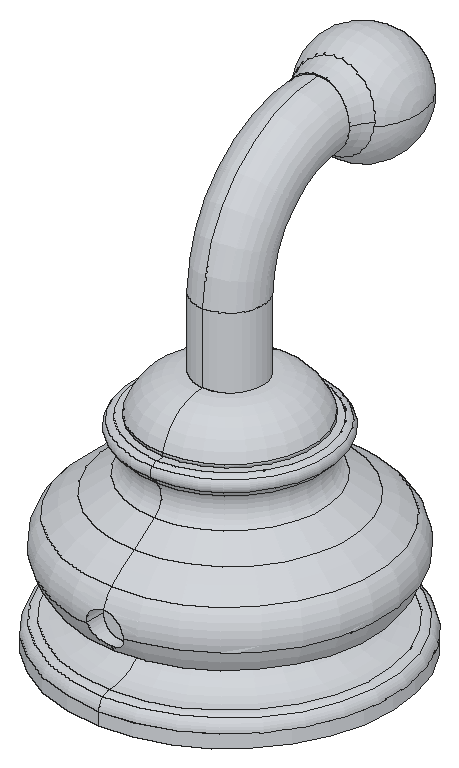
Revit family "Accessory-Robe_Hook-KOHLER-Fairfax-K-12156", category Specialty Equipment, host Face, Revit 2015
Parameters (values of type "CP-Polished Chrome")
  Width = 3 5/8"  # constant formula
  URL = "https://www.us.kohler.com/us/"
  Type = 1
  Product Page URL = "http://www.us.kohler.com/us/catalog/productDetails.jsp?productNumber=12156"
  Product Name = "Fairfax"  # constant formula
  Product Documentation Link = "http://www.us.kohler.com/onlinecatalog/pdf/K-12156_spec.pdf"
  Model = if(Type = 1, "K-12156-CP", if(Type = 2, "K-12156-BN", if(Type = 3, "K-12156-2BZ", "NA")))  # "K-12156-CP"
  Material = "Brass Construction"  # constant formula
  MasterFormat 2004 = "10.28.13"  # constant formula
  MasterFormat 1995 = "10820"  # constant formula
  Manufacturer Address = "444 Highland Dr, Kohler, WI 53044"  # constant formula
  Manufacturer = "KOHLER Co."  # constant formula
  Length = 2 1/2"  # constant formula
  Height = 1 11/16"  # constant formula
  Finish = Kohler-Metal-CP-Polished_Chrome
  Environmental Product Declaration = ""
  Description = "Single robe hook"  # constant formula
  Default Elevation = 42"
  Declare Label = ""
  Date Modified = "11/22/2018"  # constant formula
  Date Created = "11/22/2018"  # constant formula
  Copyright = "Copyright KOHLER Co."  # constant formula
  Contact Us = "https://www.us.kohler.com/us/static/contact.jsp"
  Assembly Code = "C1030200"
  ADA Compliant = 1 = 0  # no
Types (3): name | Type | Model | Finish
  CP-Polished Chrome | 1 | "K-12156-CP" | Kohler-Metal-CP-Polished_Chrome
  BN-Vibrant Brushed Nickel | 2 | "K-12156-BN" | Kohler-Metal-BN-Vibrant_Brushed_Nickel
  2BZ-Oil-Rubbed Bronze | 3 | "K-12156-2BZ" | Kohler-Metal-2BZ-Oil_Rubbed_Bronze
Reference planes (in)
  plane 1 "Center (Front/Back)": y = 0
  plane 2: z = 0
  plane 3 "Center (Left/Right)": x = 0
  plane 4: x = 1.25
  plane 5: x = -1.25
  plane 6: z = 3.625
  plane 7: y = 1.6875
Dimensions and locks (in)
  "Length": plane 5 to plane 4
  "Width": level to plane 6
  "Height": plane 7 to plane 1 "Center (Front/Back)"
  aligned and locked: plane 2 to host face
  aligned and locked: level to host face
Automatic sketch dimensions
  host sketch curve to host sketch curve = 96"  (x2)
Nested families (in)
  nested 1: "K-12156" at (0, 0, 0), type "K-12156"
Definition of nested family "K-12156"
  Parameters (values of type "K-12156")
    Material = none
  Reference planes (in)
    plane 1 "Center (Front/Back)": y = 0
    plane 2: z = 0
    plane 3 "Center (Left/Right)": x = 0
    plane 4: y = -1.25
    plane 5: y = 1.25
    plane 6: y = 1.6875
    plane 7: z = 3.625
    plane 8: x = -1.25
    plane 9: x = 1.25
  Forms (in)
    Revolve 1, solid, material <- "Material", detail levels medium+fine
      sketch origin (0, 0, 0) x (0, 1, 0) y (0, 0, 1)
        loop
          line (0.79194, 0.44291) -> (1.08539, 0.44291)
          arc (1.08539, 0.44291) -> (1.14027, 0.52422) -> (1.18093, 0.61349) r 0.59031
          arc (1.18093, 0.61349) -> (1.18929, 0.75998) -> (1.11673, 0.8875) r 0.25901
          arc (1.11673, 0.8875) -> (1.01456, 0.97302) -> (0.90154, 1.04357) r 0.96066
          arc (0.90154, 1.04357) -> (0.79979, 1.10425) -> (0.70447, 1.17461) r 1.20802
          arc (0.70447, 1.17461) -> (0.64659, 1.28732) -> (0.68985, 1.40642) r 0.15842
          arc (0.68985, 1.40642) -> (0.71118, 1.42875) -> (0.73263, 1.45097) r 5.95788
          arc (0.73263, 1.45097) -> (0.75005, 1.49395) -> (0.73263, 1.53692) r 0.06172
          arc (0.73263, 1.53692) -> (0.712, 1.55133) -> (0.6875, 1.55701) r 0.06629
          line (0.6875, 1.55701) -> (0.61634, 1.55701)
          arc (0.61634, 1.55701) -> (0.63138, 1.56552) -> (0.63419, 1.58256) r 0.02002
          arc (0.63419, 1.58256) -> (0.4905, 1.78581) -> (0.25199, 1.85701) r 0.38114
          arc (0.25199, 1.85701) -> (0.12459, 1.86472) -> (0, 1.89243) r 0.80625
          line (0, 1.89243) -> (0, 0) -> (1.24016, 0) -> (1.24016, 0.09999)
          arc (1.24016, 0.09999) -> (1.22878, 0.14632) -> (1.19723, 0.18211) r 0.10001
          arc (1.19723, 0.18211) -> (1.1676, 0.19631) -> (1.135, 0.20044) r 0.10282
          arc (1.135, 0.20044) -> (0.92151, 0.2623) -> (0.79194, 0.44291) r 0.33976
        axis (0, 1.89243) -> (0, 0)
      angle from 0 to 360
    Revolve 2, solid, material <- "Material", detail levels medium+fine
      sketch origin (0, -0.10156, 3.19934) x (1, 0, 0) y (0, 1, 0)
        loop
          arc (0.42614, 1.3621) -> (0, 1.78824) -> (-0.42614, 1.3621) r 0.42614
          line (-0.42614, 1.3621) -> (0.42614, 1.3621)
        axis (-0.42614, 1.3621) -> (0.42614, 1.3621)
      angle from 0 to 360
    Sweep 3, solid, material <- "Material", detail levels medium+fine
      path origin (0, 0, 0.05652) x (0, 1, 0) y (0, 0, 1)
        loop
          line (0, 1.76394) -> (0, 2.33907)
          arc (0, 2.33907) -> (0.24888, 2.93991) -> (0.84971, 3.18879) r 0.84971
      profile origin (0, 0, 1.82046) x (0, -1, 0) y (1, 0, 0)
        loop
          circle (0, 0) r 0.25175
    Revolve 4, solid, material <- "Material", detail levels medium+fine
      sketch origin (0, -0.08934, 3.34198) x (1, 0, 0) y (0, 0.994522, -0.104528)
        loop
          spline (-0.25174, 0.90434) -> (-0.24959, 0.9085) -> (-0.24316, 0.91258) -> (-0.23258, 0.91653) -> (-0.21801, 0.92026) -> (-0.19972, 0.92373) -> (-0.17801, 0.92686) -> (-0.15325, 0.92961) -> (-0.12587, 0.93192) -> (-0.09634, 0.93377) -> (-0.06515, 0.9351) -> (-0.03286, 0.93592) -> (0, 0.93619)
          line (0, 0.93619) -> (0, 1.11771)
          spline (0, 1.11771) -> (-0.0418, 1.11743) -> (-0.08287, 1.11659) -> (-0.12253, 1.1152) -> (-0.16009, 1.1133) -> (-0.19492, 1.1109) -> (-0.2264, 1.10806) -> (-0.25401, 1.10483) -> (-0.27728, 1.10125) -> (-0.2958, 1.09738) -> (-0.30926, 1.09331) -> (-0.31743, 1.08908) -> (-0.32017, 1.08479)
          arc (-0.32017, 1.08479) -> (-0.2791, 0.99716) -> (-0.25174, 0.90434) r 0.63858
        axis (0, 1.11771) -> (0, 0.90434)
      angle from 0 to 360
    Revolve 5, solid, material <- "Material", detail levels coarse
      sketch origin (0, 0, 0) x (0, 1, 0) y (0, 0, 1)
        loop
          line (1.33601, 0) -> (1.33601, 0.25) -> (1.09588, 0.25) -> (1.09588, 1.25021) -> (0.79194, 1.25021) -> (0.79194, 1.85665) -> (0, 1.85665) -> (0, 0) -> (1.33601, 0)
        axis (0, 1.85665) -> (0, 0)
      angle from 0 to 360
    Sweep 6, solid, material <- "Material", detail levels coarse
      path origin (0, 0, 0) x (0, 1, 0) y (0, 0, 1)
        loop
          arc (1.0835, 3.14184) -> (0.3479, 3.06719) -> (0, 2.41477) r 0.7857
          line (0, 2.41477) -> (0, 1.85665)
      profile origin (0, 0, 1.85665) x (1, 0, 0) y (0, 1, 0)
        loop
          circle (0, 0) r 0.32756
    Revolve 7, solid, material <- "Material", detail levels coarse
      sketch origin (0, 0, 3.19531) x (1, 0, 0) y (0, 1, 0)
        loop
          line (-0.49839, 1.26061) -> (0.50099, 1.26061)
          arc (0.50099, 1.26061) -> (0.0013, 1.7603) -> (-0.49839, 1.26061) r 0.49969
        axis (-0.49839, 1.26061) -> (0.50099, 1.26061)
      angle from 0 to 360
    Extrusion 8, void
      sketch origin (0, 0, 0) x (1, 0, 0) y (0, 0, 1)
        loop
          circle (0, 0.62795) r 0.13808
      from 1.02657 to 1.54445
  Cuts and joins
    Extrusion 8 cuts Revolve 1
    Extrusion 8 cuts Revolve 2
    Extrusion 8 cuts Sweep 3
    joined: Revolve 1, Revolve 2, Sweep 3
    Extrusion 8 cuts Sweep 6
    Extrusion 8 cuts Revolve 7
    joined: Revolve 5, Sweep 6, Revolve 7
  Lines and regions (in)
    Masking region 1
      outline origin (0, 0, 0) x (1, 0, 0) y (0, 1, 0)
        loop
          arc (0, 1.6875) -> (-0.33216, 1.52748) -> (-0.41579, 1.1684) r 0.42691
          arc (-0.41579, 1.1684) -> (-1.01168, 0.71185) -> (-1.25, 0) r 1.28263
          arc (-1.25, 0) -> (-0.88388, -0.88388) -> (0, -1.25) r 1.25
          arc (0, -1.25) -> (0.88388, -0.88388) -> (1.25, 0) r 1.25
          arc (1.25, 0) -> (1.0107, 0.70996) -> (0.41761, 1.16773) r 1.29192
          arc (0.41761, 1.16773) -> (0.33377, 1.52802) -> (0, 1.6875) r 0.42681
    Masking region 2
      outline origin (0, 0, 0) x (1, 0, 0) y (0, 0, 1)
        loop
          line (0.6875, 1.55701) -> (0.61605, 1.55701)
          arc (0.61605, 1.55701) -> (0.63129, 1.56515) -> (0.63433, 1.58216) r 0.01978
          arc (0.63433, 1.58216) -> (0.50859, 1.77288) -> (0.2959, 1.85621) r 0.37767
          line (0.2959, 1.85621) -> (0.25174, 1.85729) -> (0.25174, 2.8562)
          arc (0.25174, 2.8562) -> (0.40449, 3.33183) -> (0, 3.625) r 0.42562
          arc (0, 3.625) -> (-0.40449, 3.33183) -> (-0.25174, 2.8562) r 0.42562
          line (-0.25174, 2.8562) -> (-0.25174, 1.85729) -> (-0.2959, 1.85621)
          arc (-0.2959, 1.85621) -> (-0.50859, 1.77288) -> (-0.63433, 1.58216) r 0.37767
          arc (-0.63433, 1.58216) -> (-0.63129, 1.56515) -> (-0.61605, 1.55701) r 0.01978
          line (-0.61605, 1.55701) -> (-0.6875, 1.55701)
          arc (-0.6875, 1.55701) -> (-0.71721, 1.54826) -> (-0.73985, 1.52712) r 0.0673
          arc (-0.73985, 1.52712) -> (-0.74999, 1.4956) -> (-0.74207, 1.46345) r 0.06067
          arc (-0.74207, 1.46345) -> (-0.72321, 1.44097) -> (-0.70283, 1.41987) r 0.42042
          arc (-0.70283, 1.41987) -> (-0.67171, 1.38413) -> (-0.65324, 1.3405) r 0.15055
          arc (-0.65324, 1.3405) -> (-0.649, 1.32301) -> (-0.64663, 1.30517) r 0.17065
          arc (-0.64663, 1.30517) -> (-0.65637, 1.23974) -> (-0.69384, 1.18523) r 0.14683
          arc (-0.69384, 1.18523) -> (-0.74678, 1.14115) -> (-0.80364, 1.10225) r 0.73106
          arc (-0.80364, 1.10225) -> (-0.87178, 1.06113) -> (-0.94071, 1.02137) r 4.02131
          arc (-0.94071, 1.02137) -> (-1.02428, 0.96693) -> (-1.1002, 0.90224) r 0.77825
          arc (-1.1002, 0.90224) -> (-1.15766, 0.82867) -> (-1.19292, 0.74224) r 0.33952
          arc (-1.19292, 0.74224) -> (-1.19839, 0.69142) -> (-1.18938, 0.6411) r 0.18035
          arc (-1.18938, 0.6411) -> (-1.1736, 0.59729) -> (-1.15556, 0.55437) r 0.88868
          arc (-1.15556, 0.55437) -> (-1.12432, 0.49622) -> (-1.08539, 0.44291) r 0.47981
          line (-1.08539, 0.44291) -> (-0.79195, 0.44291)
          arc (-0.79195, 0.44291) -> (-0.90611, 0.27267) -> (-1.09796, 0.20051) r 0.33579
          line (-1.09796, 0.20051) -> (-1.14076, 0.20051)
          arc (-1.14076, 0.20051) -> (-1.21722, 0.1761) -> (-1.25, 0.10284) r 0.09828
          line (-1.25, 0.10284) -> (-1.25, 0) -> (0, 0) -> (1.25, 0) -> (1.25, 0.10284)
          arc (1.25, 0.10284) -> (1.21722, 0.1761) -> (1.14076, 0.20051) r 0.09828
          line (1.14076, 0.20051) -> (1.09796, 0.20051)
          arc (1.09796, 0.20051) -> (0.90611, 0.27267) -> (0.79195, 0.44291) r 0.33579
          line (0.79195, 0.44291) -> (1.08539, 0.44291)
          arc (1.08539, 0.44291) -> (1.12432, 0.49622) -> (1.15556, 0.55437) r 0.47981
          arc (1.15556, 0.55437) -> (1.1736, 0.59729) -> (1.18938, 0.6411) r 0.88868
          arc (1.18938, 0.6411) -> (1.19839, 0.69142) -> (1.19292, 0.74224) r 0.18035
          arc (1.19292, 0.74224) -> (1.15766, 0.82867) -> (1.1002, 0.90224) r 0.33952
          arc (1.1002, 0.90224) -> (1.02428, 0.96693) -> (0.94071, 1.02137) r 0.77825
          arc (0.94071, 1.02137) -> (0.87178, 1.06113) -> (0.80364, 1.10225) r 4.02131
          arc (0.80364, 1.10225) -> (0.74678, 1.14115) -> (0.69384, 1.18523) r 0.73106
          arc (0.69384, 1.18523) -> (0.65637, 1.23974) -> (0.64663, 1.30517) r 0.14683
          arc (0.64663, 1.30517) -> (0.649, 1.32301) -> (0.65324, 1.3405) r 0.17065
          arc (0.65324, 1.3405) -> (0.67171, 1.38413) -> (0.70283, 1.41987) r 0.15055
          arc (0.70283, 1.41987) -> (0.72321, 1.44097) -> (0.74207, 1.46345) r 0.42042
          arc (0.74207, 1.46345) -> (0.74999, 1.4956) -> (0.73985, 1.52712) r 0.06067
          arc (0.73985, 1.52712) -> (0.71721, 1.54826) -> (0.6875, 1.55701) r 0.0673
    Masking region 3
      outline origin (0, 0, 0) x (0, 1, 0) y (0, 0, 1)
        loop
          line (0.6875, 1.55701) -> (0.61634, 1.55701)
          arc (0.61634, 1.55701) -> (0.63145, 1.56531) -> (0.63437, 1.5823) r 0.01985
          arc (0.63437, 1.5823) -> (0.49081, 1.78615) -> (0.25175, 1.857) r 0.37969
          line (0.25175, 1.857) -> (0.25175, 2.41477)
          arc (0.25175, 2.41477) -> (0.41986, 2.8117) -> (0.8114, 2.99201) r 0.5971
          arc (0.8114, 2.99201) -> (0.87161, 2.97216) -> (0.9247, 2.93752) r 0.24471
          arc (0.9247, 2.93752) -> (1.68417, 3.14573) -> (0.99992, 3.53552) r 0.42619
          arc (0.99992, 3.53552) -> (0.93456, 3.50745) -> (0.8642, 3.49695) r 0.27683
          arc (0.8642, 3.49695) -> (0.08268, 3.18638) -> (-0.25175, 2.41477) r 1.10123
          line (-0.25175, 2.41477) -> (-0.25175, 1.857)
          arc (-0.25175, 1.857) -> (-0.49081, 1.78615) -> (-0.63437, 1.5823) r 0.37969
          arc (-0.63437, 1.5823) -> (-0.63145, 1.56531) -> (-0.61634, 1.55701) r 0.01985
          line (-0.61634, 1.55701) -> (-0.6875, 1.55701)
          arc (-0.6875, 1.55701) -> (-0.74643, 1.51463) -> (-0.72737, 1.44459) r 0.06368
          arc (-0.72737, 1.44459) -> (-0.68354, 1.39726) -> (-0.65278, 1.34056) r 0.25869
          arc (-0.65278, 1.34056) -> (-0.64517, 1.27572) -> (-0.6702, 1.21542) r 0.12933
          arc (-0.6702, 1.21542) -> (-0.73784, 1.14474) -> (-0.8198, 1.09133) r 0.4267
          arc (-0.8198, 1.09133) -> (-0.98125, 0.9958) -> (-1.12738, 0.87819) r 1.30975
          arc (-1.12738, 0.87819) -> (-1.13883, 0.86614) -> (-1.14869, 0.85277) r 0.13441
          arc (-1.14869, 0.85277) -> (-1.1952, 0.68819) -> (-1.14109, 0.52595) r 0.29063
          arc (-1.14109, 0.52595) -> (-1.11551, 0.48291) -> (-1.08539, 0.44291) r 0.45847
          line (-1.08539, 0.44291) -> (-0.79194, 0.44291)
          arc (-0.79194, 0.44291) -> (-0.90556, 0.27361) -> (-1.09588, 0.20044) r 0.33804
          line (-1.09588, 0.20044) -> (-1.14484, 0.20044)
          arc (-1.14484, 0.20044) -> (-1.21889, 0.17284) -> (-1.25, 0.10019) r 0.10036
          line (-1.25, 0.10019) -> (-1.25, 0) -> (0, 0) -> (1.25, 0) -> (1.25, 0.10019)
          arc (1.25, 0.10019) -> (1.21889, 0.17284) -> (1.14484, 0.20044) r 0.10036
          line (1.14484, 0.20044) -> (1.09588, 0.20044)
          arc (1.09588, 0.20044) -> (0.90556, 0.27361) -> (0.79194, 0.44291) r 0.33804
          line (0.79194, 0.44291) -> (1.08539, 0.44291)
          arc (1.08539, 0.44291) -> (1.11551, 0.48291) -> (1.14109, 0.52595) r 0.45847
          arc (1.14109, 0.52595) -> (1.1952, 0.68819) -> (1.14869, 0.85277) r 0.29063
          arc (1.14869, 0.85277) -> (1.13883, 0.86614) -> (1.12738, 0.87819) r 0.13441
          arc (1.12738, 0.87819) -> (0.98125, 0.9958) -> (0.8198, 1.09133) r 1.30975
          arc (0.8198, 1.09133) -> (0.73784, 1.14474) -> (0.6702, 1.21542) r 0.4267
          arc (0.6702, 1.21542) -> (0.64517, 1.27572) -> (0.65278, 1.34056) r 0.12933
          arc (0.65278, 1.34056) -> (0.68354, 1.39726) -> (0.72737, 1.44459) r 0.25869
          arc (0.72737, 1.44459) -> (0.74643, 1.51463) -> (0.6875, 1.55701) r 0.06368
    symbolic lines, detail levels medium+fine
      curve 1: arc (-0.4038, 1.12525, 0) -> (0, -1.1955, 0) -> (0.4038, 1.12525, 0) r 1.1955
      curve 2: arc (-0.2514, 0.63989, 0) -> (0, -0.6875, 0) -> (0.2514, 0.63989, 0) r 0.6875
      curve 3: line (-0.25131, 0.8119, 0) -> (-0.25175, 0, 0)
      curve 4: arc (-0.25175, 0, 0) -> (-0.17801, -0.17801, 0) -> (0, -0.25175, 0) r 0.25175
      curve 5: line (0.25131, 0.8119, 0) -> (0.25175, 0, 0)
      curve 6: arc (0.25175, 0, 0) -> (0.17801, -0.17801, 0) -> (0, -0.25175, 0) r 0.25175
      curve 7: arc (-0.25143, 0.58258, 0) -> (0, -0.63452, 0) -> (0.25143, 0.58258, 0) r 0.63452
      curve 8: arc (-0.25136, 0.70662, 0) -> (0, -0.75, 0) -> (0.25136, 0.70662, 0) r 0.75
      curve 9: arc (-0.25131, 0.8119, 0) -> (-0.2644, 0.8861, 0) -> (-0.29593, 0.95452, 0) r 0.2939
      curve 10: arc (-0.29593, 0.95452, 0) -> (-0.37161, 1.05263, 0) -> (-0.41579, 1.1684, 0) r 0.42517
      curve 11: arc (0.25131, 0.8119, 0) -> (0.2644, 0.8861, 0) -> (0.29593, 0.95452, 0) r 0.2939
      curve 12: arc (0.29593, 0.95452, 0) -> (0.37161, 1.05263, 0) -> (0.41579, 1.1684, 0) r 0.42517
      curve 13: arc (-0.25174, 0, 2.8562) -> (0, 0, 2.77376) -> (0.25174, 0, 2.8562) r 0.42562
      curve 14: line (0.25174, 0, 1.85729) -> (-0.25174, 0, 1.85729)
      curve 15: line (0.6875, 0, 1.55701) -> (0, 0, 1.55701)
      curve 16: line (0, 0, 1.55701) -> (-0.6875, 0, 1.55701)
      curve 17: line (1.08539, 0, 0.44291) -> (0, 0, 0.44291)
      curve 18: line (0, 0, 0.44291) -> (-1.08539, 0, 0.44291)
      curve 19: line (1.0993, 0, 0.20044) -> (-1.0993, 0, 0.20044)
      curve 20: spline (-0.25131, 0.8119, 0) -> (-0.24274, 0.8187, 0) -> (-0.21764, 0.82503, 0) -> (-0.1777, 0.83047, 0) -> (-0.12565, 0.83465, 0) -> (-0.06504, 0.83727, 0) -> (0, 0.83817, 0) -> (0.06504, 0.83727, 0) -> (0.12565, 0.83465, 0) -> (0.1777, 0.83047, 0) -> (0.21764, 0.82503, 0) -> (0.24274, 0.8187, 0) -> (0.25131, 0.8119, 0)
      curve 21: arc (0, 0.99992, 3.53552) -> (0, 0.83846, 3.2521) -> (0, 0.9247, 2.93752) r 0.42619
      curve 22: line (0, 0.25175, 1.857) -> (0, -0.25175, 1.857)
      curve 23: line (0, 0.61634, 1.55701) -> (0, -0.61634, 1.55701)
      curve 24: line (0, 0.79194, 0.44291) -> (0, -0.79194, 0.44291)
      curve 25: line (0, 1.09588, 0.20044) -> (0, -1.09588, 0.20044)
      curve 26: line (-0.70283, 0, 1.41987) -> (0.70283, 0, 1.41987)
      curve 27: line (0, 0.72737, 1.44459) -> (0, -0.72737, 1.44459)
  Dimensions and locks (in)
    plane 5 to plane 4 = 2 1/2"
    plane 4 to plane 5 = 2 1/2"
    level to plane 7 = 3 5/8"  (x2)
    plane 1 "Center (Front/Back)" to plane 6 = 1 11/16"
    plane 6 to plane 1 "Center (Front/Back)" = 1 11/16"
    plane 9 to plane 8 = 2 1/2"
    aligned and locked: plane 2 to level
